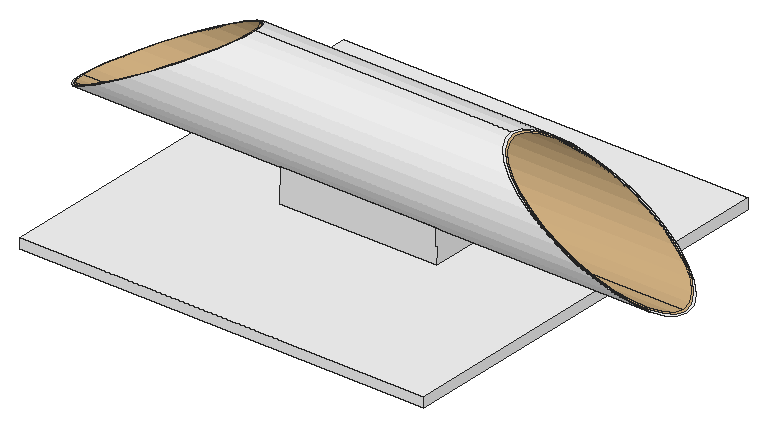
Revit family "BE_51057.4_de_DE", category Leuchten, Revit 2020
Family settings
  Basisbauteil = Fläche
  Bemaßung runder Anschluss = Durchmesser verwenden
  Teiletyp = Normal
  Beim Laden mit Abzugskörper schneiden = Ja
  Lichtquelle = Ja
  Gemeinsam genutzt = Nein
  Raumberechnungspunkt = Ja
Parameters (values of type "BEGA_51057.4_K3")
  built-in parameter 1150104 = 12.727 (stored number, unit not read)
  Wattage = 24.6 W
  Default Elevation = 0 mm
  built-in parameter 1150113 = 1 (stored number, unit not read)
  built-in parameter 1114218 = 1 (stored number, unit not read)
  Umgebungstemperatur = "25 °C"
  URL = "https://www.bega.com/de/produkt/51057.4"
  Typenkommentare = "© 2023 BEGA. Wir behalten uns das Recht vor, technische Änderungen ohne vorherige Ankündigung vorzunehmen."  # constant formula
  built-in parameter 1150134 = (empty or 0)
  built-in parameter 1150109 = 1 (stored number, unit not read)
  built-in parameter 1150110 = 1 (stored number, unit not read)
  Spannung = 239.996 V
  Sonderanfertigung = no
  Seriennummer [instance] = "Hier können Sie die eindeutige Seriennummer für das Facility Management eintragen."
  Schutzklasse = "I"
  Schutzart = "IP 20"
  Scheinlast = 0 VA
  Produktdatenblatt = "https://cdn.bega.com/bega/products/51057.4K3/current/documents/data-sheets/de"
  Neigungswinkel = 0.00°
  Modell = "51057.4K3"
  Material_34 = BEGA_Oberfläche_Samtweiss_matt
  Material_31 = BEGA_Oberfläche_Messing_matt
  Material_21 = BEGA_Oberfläche_Aluminium_matt
  Material_15 = BEGA_Leuchtmedium_matt
  Material_13 = BEGA_Kunststoff_matt
  M_W = no
  M_G = no
  M_A = no
  Logo = 0
  built-in parameter 1114217 = 1 (stored number, unit not read)
  built-in parameter 1150139 = (empty or 0)
  built-in parameter 1150105 = 3370 (stored number, unit not read)
  built-in parameter 1150114 = 1 (stored number, unit not read)
  Lumens = 3369.95 lm
  built-in parameter 1150115 = 1 (stored number, unit not read)
  Leuchtenlichtstrom = "642 lm"
  Lebensdauerkriterien = "L70B50 @ 25 °C = 130000 h"
  Lastklassifizierung = Beleuchtung
  built-in parameter 1150112 = 1 (stored number, unit not read)
  Lampenlichtstrom = "3370 lm"
  Lampe = "LED 24.6 W"
  LED_Modulbezeichnung = "2x LED-0986/930"
  Hersteller = "BEGA"  # constant formula
  Gewicht = "1.45 kg"
  Frequenz = "0/50-60 Hz"
  Farbwiedergabeindex = "CRI > 90"
  Farbtemperaturverschiebung bei Dämpfen der Lampe = <Keine Auswahl>
  Farbtemperatur = "3000 K"
  Color Filter = 16777215
  built-in parameter 1150133 = 10 (stored number, unit not read)
  Energieeffizienzklasse = "LED A++ - A"
  built-in parameter 1150137 = (empty or 0)
  built-in parameter 1150132 = (empty or 0)
  Dimmbar [instance] = "DALI"
  Datei für fotometrisches Netz = "BE_51057-4K3.ies"
  CE_Konformität = "ja"
  Bestellnummer = "51057.4K3"
  Beschreibung_Sonderanfertigung = "Hier können Sie Informationen zur Sonderanfertigung eintragen."
  Beschreibung = "Wandleuchte"
  built-in parameter 1150106 = 33.7 (stored number, unit not read)
  Befestigungsbohrung = "Ø 4,5 mm"
  Befestigungsabstand = "90 x 38 mm"
  BEGA_Intern_aus = yes
  BEGA_Intern_an = yes
  BEGA_Intern_Konstruktion = yes
  BEGA_Intern = yes
  BEGA_IES = yes
  BEGA_Dummy = no
  Anschlussleistung [instance] = "28 W"
  built-in parameter 1150107 = 3000 (stored number, unit not read)
  built-in parameter 1150102 = (empty or 0)
  built-in parameter 1150138 = (empty or 0)
  Aktualisierung = "2023-01-25T04:00:03"
  AC/DC = "AC/DC"
Reference planes
  plane 1 "Mitte (Vorne/Hinten)": y = 0
  plane 2: z = 0
  plane 3 "Mitte (Links/Rechts)": x = 0
  plane 4 "Links": x = -300.251
  plane 5 "Rechts": x = 299.776
  plane 6 "Unten": y = -50
  plane 7 "Oben": y = 50
  plane 8 "Vorne": z = 121.048
Forms (mm)
  Extrusion 1, solid, material "BEGA_Platte_Weiss"
    sketch origin (0, -1119.2, 0) x (1, 0, 0) y (0, 1, 0)
      loop
        line (-200, 1319.2) -> (-200, 919.2) -> (200, 919.2) -> (200, 1319.2) -> (-200, 1319.2)
    from 0 to -10
  Extrusion 2, solid, material "BEGA_Dummy_matt", visible <- "BEGA_Dummy"
    sketch origin (82.418, -76.023, 9.621) x (1, 0, 0) y (0, 1, 0)
      loop
        line (-382.67, 126.023) -> (-382.67, 26.023) -> (217.358, 26.023) -> (217.358, 126.023) -> (-382.67, 126.023)
    from -9.621 to 111.427
Dimensions and locks
  plane 1 "Mitte (Vorne/Hinten)" to Extrusion 1 = 200 mm
  aligned and locked: plane 2 to Extrusion 1
  aligned and locked: level to Extrusion 1
Nested families
  nested 1: "BE_51057.4_Leuchte" at (0, 0, 0), type "BE_51057.4_Leuchte"
Connectors
  electrical at (0, 0, 0), driven by "Lastklassifizierung", driven by "Spannung", driven by "Scheinlast"
    settings: index 1, voltage 239.996 V, apparent load 0 VA, apparent load phase1 0 VA, apparent load phase2 0 VA, apparent load phase3 0 VA, power factor 1, load classification "Beleuchtung", number of poles 1, system type 31, power factor state 1, is connector primary yes, connector utility no, sub classification motor no, connector description ""
Definition of nested family "BE_51057.4_Leuchte"
  Parameters (values of type "BE_51057.4_Leuchte")
    Default Elevation = 1 mm
    URL = "http://www.bega.de/de/produkt"
    Type Comments = "© 2015 BEGA. Wir behalten uns das Recht vor, technische Änderungen ohne vorherige Ankündigung vorzunehmen. "  # constant formula
    Type Image = (empty or 0)
    Neigungswinkel_um_Z2 = 0.00°
    Neigungswinkel_um_Z1 = 0.00°
    Neigungswinkel_um_Y2 = 0.00°
    Neigungswinkel_um_Y1 = 0.00°
    Neigungswinkel_um_X2 = 0.00°
    Neigungswinkel_um_X1 = 0.00°
    Material_34 = none
    Material_31 = none
    Material_21 = none
    Material_15 = none
    Material_13 = none
    Länge_Platte = 200 mm  # constant formula
    Höhe_Platte = -10 mm  # constant formula
    Manufacturer = "BEGA"  # constant formula
    Drehwinkel_um_Z2 = 0.00°
    Drehwinkel_um_Z1 = 0.00°
    Breite_Platte = 200 mm  # constant formula
  Reference planes
    plane 1 "Mitte (Oben/Unten)": y = 0
    plane 2: z = 0
    plane 3 "Mitte (Links/Rechts)": x = 0
    plane 4: z = 121.048
    plane 5: z = 0
    plane 6: y = 50
    plane 7: y = -50
    plane 8: x = -300
    plane 9: x = 299.97
  Forms (mm)
    Extrusion 1, solid, detail levels medium
      sketch origin (0, 0, 0) x (1, 0, 0) y (0, 1, 0)
        loop
          line (-100, 100) -> (-100, -100) -> (100, -100) -> (100, 100) -> (-100, 100)
      from 0 to -10 <- "Höhe_Platte"
    Revolve 2, solid, material <- "Material_34"
      sketch origin (0, 0, 0) x (1, 0, 0) y (0, 0, 1)
        loop
          line (301.325, 121) -> (-303.759, 121) -> (-303.759, 120.091) -> (301.325, 120.091) -> (301.325, 121)
        axis (301.325, 71) -> (-303.759, 71)
      angle from 0 to 360
    Revolve 3, solid, material <- "Material_31"
      sketch origin (0, 0, 0) x (1, 0, 0) y (0, 0, 1)
        loop
          line (-303.759, 119) -> (301.325, 119) -> (301.325, 120.088) -> (-303.759, 120.088) -> (-303.759, 119)
        axis (301.325, 71) -> (-303.759, 71)
      angle from 0 to 360
    Extrusion 4, void
      sketch origin (0, 0, 0) x (1, 0, 0) y (0, 0, 1)
        loop
          line (126.765, 121) -> (301.325, 20.218) -> (301.325, 121) -> (126.765, 121)
        loop
          line (-126.824, 121) -> (-303.759, 121) -> (-303.759, 18.847) -> (-126.824, 121)
      from -52.548 to 52.668
    Extrusion 5, solid, material <- "Material_34"
      sketch origin (0, 0, 0) x (1, 0, 0) y (0, 0, 1)
        loop
          line (78.331, 0) -> (77.755, 33) -> (-75.814, 33) -> (-76.39, 0) -> (78.331, 0)
      from -32.86 to 32.86
    Extrusion 6, void
      sketch origin (0, 0, 0) x (0, 1, 0) y (0, 0, 1)
        loop
          circle (0, 71) r 49
      from -309.087 to 306.453
    Revolve 7, solid, material <- "Material_13"
      sketch origin (0, 0, 0) x (1, 0, 0) y (0, 0, 1)
        loop
          line (65.5, 118.5) -> (60.5, 118.5) -> (60.5, 71) -> (65.5, 71) -> (65.5, 118.5)
        loop
          line (-60.5, 71) -> (-60.5, 118.5) -> (-65.5, 118.5) -> (-65.5, 71) -> (-60.5, 71)
        axis (65.5, 71) -> (-65.5, 71)
      angle from 0 to 360
    Revolve 8, solid, material <- "Material_15"
      sketch origin (0, 0, 0) x (1, 0, 0) y (0, 0, 1)
        loop
          line (55.05, 75.506) -> (53.5, 75.506) -> (53.5, 64.317) -> (55.05, 64.317) -> (55.05, 75.506)
        loop
          line (-55.05, 64.317) -> (-53.5, 64.317) -> (-53.5, 75.506) -> (-55.05, 75.506) -> (-55.05, 64.317)
        axis (55.05, 64.317) -> (-55.05, 64.317)
      angle from 0 to 360
    Extrusion 9, void
      sketch origin (0, 0, 0) x (1, 0, 0) y (0, 1, 0)
        loop
          arc (-45.269, -17.971) -> (-47.519, -15.721) -> (-49.769, -17.971) r 2.25
          line (-49.769, -17.971) -> (-49.769, -21.471)
          arc (-49.769, -21.471) -> (-47.519, -23.721) -> (-45.269, -21.471) r 2.25
          line (-45.269, -21.471) -> (-45.269, -17.971)
        loop
          line (-30.519, -7.721) -> (-30.519, 6.279)
          arc (-30.519, 6.279) -> (-36.019, 11.779) -> (-41.519, 6.279) r 5.5
          line (-41.519, 6.279) -> (-41.519, -7.721)
          arc (-41.519, -7.721) -> (-36.019, -13.221) -> (-30.519, -7.721) r 5.5
        loop
          line (43.731, 20.529) -> (40.231, 20.529)
          arc (40.231, 20.529) -> (37.981, 18.279) -> (40.231, 16.029) r 2.25
          line (40.231, 16.029) -> (43.731, 16.029)
          arc (43.731, 16.029) -> (45.981, 18.279) -> (43.731, 20.529) r 2.25
      from 0 to 15.4
    Extrusion 10, solid, material <- "Material_21"
      sketch origin (0, 0, -1.56) x (0, 1, 0) y (0, 0, 1)
        loop
          line (25.898, 30.586) -> (25.153, 106.56) -> (-25.85, 106.56) -> (-25.1, 30.086)
          arc (-25.1, 30.086) -> (0.471, 23.002) -> (25.898, 30.586) r 48
      from -53.5 to 53.5
  Cuts and joins
    Extrusion 4, Extrusion 9 cuts Revolve 2
    Extrusion 4, Extrusion 9 cuts Revolve 3
    Extrusion 6, Extrusion 9 cuts Extrusion 5
  Dimensions and locks
    equal spacing: Extrusion 1 sketch curve, plane 3 "Mitte (Links/Rechts)", Extrusion 1 sketch curve
    equal spacing: Extrusion 1 sketch curve, plane 1 "Mitte (Oben/Unten)", Extrusion 1 sketch curve
    "Länge_Platte": Extrusion 1 sketch curve to Extrusion 1 sketch curve
    "Breite_Platte": Extrusion 1 sketch curve to Extrusion 1 sketch curve
    plane 1 "Mitte (Oben/Unten)" to Extrusion 1 = 100 mm  (x3)
    aligned and locked: plane 2 to Extrusion 1
    aligned and locked: level to Extrusion 1
  Automatic sketch dimensions
    Extrusion 5 sketch curve to level = 0 mm
    plane 3 "Mitte (Links/Rechts)" to Extrusion 5 sketch curve = 78.331 mm
    Extrusion 5 sketch curve to Extrusion 5 sketch curve = 0.576 mm  (x2)
    Extrusion 5 sketch curve to Extrusion 5 sketch curve = 153.569 mm
    level to Extrusion 5 sketch curve = 33 mm
    Extrusion 6 sketch curve to plane 1 "Mitte (Oben/Unten)" = 0 mm
    level to Extrusion 6 sketch curve = 71 mm
    plane 3 "Mitte (Links/Rechts)" to Revolve 7 sketch curve = 60.5 mm
    level to Revolve 7 sketch curve = 71 mm  (x2)
    Revolve 7 sketch curve to Revolve 7 sketch curve = 5 mm  (x2)
    Revolve 7 sketch curve to Revolve 7 sketch curve = 47.5 mm  (x2)
    Revolve 7 sketch curve to plane 3 "Mitte (Links/Rechts)" = 60.5 mm
    Revolve 8 sketch curve to plane 3 "Mitte (Links/Rechts)" = 53.5 mm
    plane 3 "Mitte (Links/Rechts)" to Revolve 8 sketch curve = 53.5 mm
    Revolve 8 sketch curve to Revolve 8 sketch curve = 1.55 mm  (x2)
    level to Revolve 8 sketch curve = 64.317 mm  (x2)
    Revolve 8 sketch curve to Revolve 8 sketch curve = 11.189 mm  (x2)
    plane 1 "Mitte (Oben/Unten)" to Extrusion 9 sketch curve = 17.971 mm
    Extrusion 9 sketch curve to plane 3 "Mitte (Links/Rechts)" = 49.769 mm
    Extrusion 9 sketch curve to Extrusion 9 sketch curve = 2.25 mm  (x2)
    Extrusion 9 sketch curve to Extrusion 9 sketch curve = 3.5 mm  (x3)
    Extrusion 9 sketch curve to plane 1 "Mitte (Oben/Unten)" = 6.279 mm
    Extrusion 9 sketch curve to Extrusion 9 sketch curve = 3.75 mm
    Extrusion 9 sketch curve to Extrusion 9 sketch curve = 5.5 mm
    plane 1 "Mitte (Oben/Unten)" to Extrusion 9 sketch curve = 7.721 mm
    Extrusion 9 sketch curve to plane 1 "Mitte (Oben/Unten)" = 18.279 mm
    plane 3 "Mitte (Links/Rechts)" to Extrusion 9 sketch curve = 43.731 mm
    Extrusion 9 sketch curve to Extrusion 9 sketch curve = 0 mm
    Extrusion 10 sketch curve to plane 1 "Mitte (Oben/Unten)" = 0 mm
    level to Extrusion 10 sketch curve = 69.44 mm
    plane 1 "Mitte (Oben/Unten)" to Extrusion 10 sketch curve = 25.1 mm
    Extrusion 10 sketch curve to Extrusion 10 sketch curve = 0.75 mm
    Extrusion 10 sketch curve to plane 1 "Mitte (Oben/Unten)" = 25.153 mm
    Extrusion 10 sketch curve to Extrusion 10 sketch curve = 0.745 mm
    Extrusion 10 sketch curve to Extrusion 10 sketch curve = 35.56 mm
    Extrusion 10 sketch curve to Extrusion 10 sketch curve = 75.974 mm
    Revolve 2 sketch curve to plane 4 = 0.957 mm
    plane 8 to Revolve 2 sketch curve = 3.759 mm
    Revolve 2 sketch curve to plane 4 = 0.048 mm
    plane 8 to Revolve 2 sketch curve = 5.759 mm
    Revolve 2 sketch curve to Revolve 2 sketch curve = 49.091 mm
    Revolve 3 sketch curve to plane 4 = 0.96 mm
    plane 8 to Revolve 3 sketch curve = 3.759 mm
    Revolve 3 sketch curve to Revolve 3 sketch curve = 1.088 mm
    plane 8 to Revolve 3 sketch curve = 5.759 mm
    Revolve 3 sketch curve to Revolve 3 sketch curve = 48 mm
    Extrusion 4 sketch curve to plane 4 = 0.048 mm  (x2)
    plane 8 to Extrusion 4 sketch curve = 3.759 mm
    Extrusion 4 sketch curve to plane 3 "Mitte (Links/Rechts)" = 126.824 mm
    plane 3 "Mitte (Links/Rechts)" to Extrusion 4 sketch curve = 126.765 mm
    level to Extrusion 4 sketch curve = 20.218 mm
    level to Extrusion 4 sketch curve = 18.847 mm
    plane 3 "Mitte (Links/Rechts)" to Revolve 2 sketch curve = 301.325 mm
    Revolve 2 sketch curve to Revolve 2 sketch curve = 3.084 mm
    plane 3 "Mitte (Links/Rechts)" to Revolve 3 sketch curve = 301.325 mm
    Revolve 3 sketch curve to Revolve 3 sketch curve = 3.084 mm
    Extrusion 4 sketch curve to Extrusion 4 sketch curve = 174.56 mm
    radius of Extrusion 6 sketch curve = 49 mm
